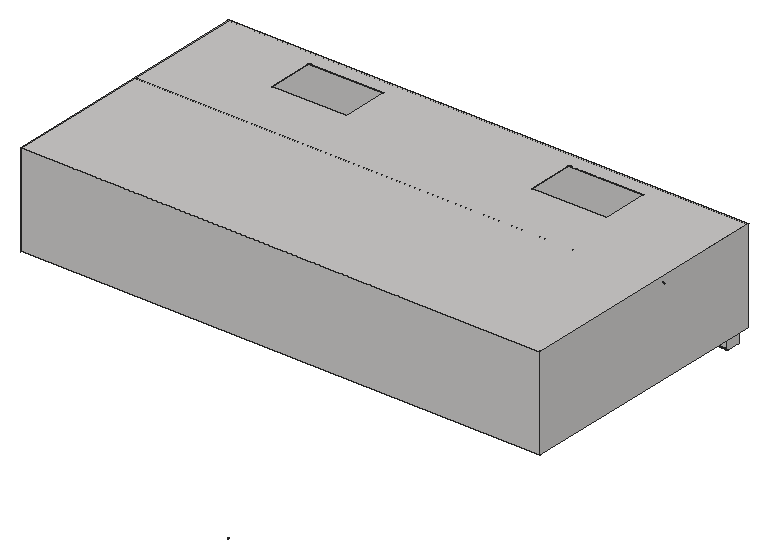
Revit family "QF_ELECTROLUXPROFESSIONAL_642011_EP1428T", category Specialty Equipment, Revit 2014
Reference planes
  plane 1: z = 0
  plane 2 "Center (Left/Right)": x = 150
  plane 3 "LEFT": x = -1250
  plane 4 "RIGHT": x = 1550
  plane 5 "BACK": y = 550
  plane 6 "TOP": z = 2500
  plane 7 "Base": z = 2000
  plane 8: z = 1926
  plane 9 "DrainY": y = 485
  plane 10: x = -1247
  plane 11: through (0, 414.509, 2000.8) normal (0, 0.7314, 0.682)
  plane 12: y = 470
  plane 13: y = 220
  plane 14 "DrainX": x = 1430
  plane 15: x = -350
  plane 16: x = 650
  plane 17: x = -750
  plane 18: x = 1050
  plane 19: x = 1547
  plane 20: x = 1340
  plane 21: x = 1520
  plane 22: x = -1210
  plane 23: x = -845
  plane 24: x = -450
  plane 25: x = 1510
  plane 26: x = 1145
  plane 27: x = 750
  plane 28: y = -150
  plane 29: y = -850
Forms (mm)
  Extrusion 1, solid, material "QF_Finishes_Stainless Steel"
    sketch origin (-1250, 0, 360) x (0, 1, 0) y (0, 0, 1)
      loop
        line (550, 1640) -> (550, 2140) -> (-850, 2140) -> (-850, 1640) -> (550, 1640)
    from 0 to 3
  Extrusion 2, solid, material "QF_Finishes_Stainless Steel"
    sketch origin (150, 0, 360) x (0, 1, 0) y (0, 0, 1)
      loop
        line (415.255, 1640) -> (550, 1640) -> (550, 2139.19) -> (549.2, 2139.19) -> (549.2, 1640.8) -> (415.876, 1640.8) -> (339.347, 1722.867) -> (349.609, 1732.436) -> (348.927, 1733.167) -> (337.934, 1722.917) -> (415.255, 1640)
      loop
        line (-82.203, 2139.19) -> (-82.203, 2118.6) -> (-31.047, 2118.6) -> (34.354, 2048.466) -> (46.028, 2059.352) -> (45.346, 2060.083) -> (34.403, 2049.879) -> (-30.612, 2119.6) -> (-81.203, 2119.6) -> (-81.203, 2139.19) -> (-82.203, 2139.19)
    from -1397 to 1397
  Extrusion 3, solid, material "QF_Finishes_Stainless Steel"
    sketch origin (1550, 0, 360) x (0, 1, 0) y (0, 0, 1)
      loop
        line (550, 1640) -> (550, 2140) -> (-850, 2140) -> (-850, 1640) -> (550, 1640)
    from 0 to -3
  Extrusion 4, solid, material "QF_Finishes_Stainless Steel"
    sketch origin (150, 0, 360) x (0, 1, 0) y (0, 0, 1)
      loop
        line (-850, 2140) -> (-850, 1640) -> (-849.2, 1640) -> (-849.2, 2139.19) -> (550, 2139.19) -> (550, 2140) -> (-850, 2140)
    from -1400 to 1400
  Extrusion 5, solid, material "QF_Finishes_Stainless Steel"
    sketch origin (150, 0, 360) x (0, 1, 0) y (0, 0, 1)
      loop
        line (534, 1640) -> (436, 1640) -> (436, 1627) -> (443.5, 1627) -> (443.5, 1576)
        arc (443.5, 1576) -> (446.429, 1568.929) -> (453.5, 1566) r 10
        line (453.5, 1566) -> (516.5, 1566)
        arc (516.5, 1566) -> (523.571, 1568.929) -> (526.5, 1576) r 10
        line (526.5, 1576) -> (526.5, 1627) -> (534, 1627) -> (534, 1640)
    from 1190 to 1370
  Extrusion 6, solid, material "QF_Finishes_Stainless Steel"
    sketch origin (0, 0, 2000) x (0, 1, 0) y (-1, 0, 0)
      loop
        circle (485, -1430) r 20
    from -76 to -74
  Extrusion 7, solid, material "QF_Finished_Chrome"
    sketch origin (150, 0, 360) x (0, 1, 0) y (0, 0, 1)
      loop
        line (337.934, 1722.917) -> (341.591, 1726.327) -> (38.011, 2051.876) -> (34.354, 2048.466) -> (337.934, 1722.917)
    from -995 to -1360
  Extrusion 8, solid, material "QF_Finished_Chrome"
    sketch origin (150, 0, 360) x (0, 1, 0) y (0, 0, 1)
      loop
        line (337.934, 1722.917) -> (341.591, 1726.327) -> (38.011, 2051.876) -> (34.354, 2048.466) -> (337.934, 1722.917)
    from 600 to -600
  Extrusion 9, solid, material "QF_Finishes_Stainless Steel"
    sketch origin (150, 0, 360) x (0, 1, 0) y (0, 0, 1)
      loop
        line (337.934, 1722.917) -> (341.591, 1726.327) -> (38.011, 2051.876) -> (34.354, 2048.466) -> (337.934, 1722.917)
    from 1397 to 1360
  Extrusion 10, solid, material "QF_Finishes_Stainless Steel"
    sketch origin (150, 0, 360) x (0, 1, 0) y (0, 0, 1)
      loop
        line (341.588, 1726.324) -> (38.009, 2051.874) -> (34.354, 2048.466) -> (337.934, 1722.917) -> (341.588, 1726.324)
    from -995 to -600
  Extrusion 11, solid, material "QF_Finished_Chrome"
    sketch origin (150, 0, 360) x (0, 1, 0) y (0, 0, 1)
      loop
        line (341.588, 1726.324) -> (38.009, 2051.874) -> (34.354, 2048.466) -> (337.934, 1722.917) -> (341.588, 1726.324)
    from 995 to 1360
  Extrusion 12, void
    sketch origin (0, 0, 2500) x (0, 1, 0) y (-1, 0, 0)
      loop
        line (470, 750) -> (220, 750) -> (220, 350) -> (470, 350) -> (470, 750)
    from 0 to -10
  Extrusion 13, void
    sketch origin (940, 0, 2500) x (0, 1, 0) y (-1, 0, 0)
      loop
        line (470, 290) -> (220, 290) -> (220, -110) -> (470, -110) -> (470, 290)
    from 0 to -10
  Extrusion 14, solid, material "QF_Finishes_Stainless Steel"
    sketch origin (0, 0, 0) x (1, 0, 0) y (0, 1, 0)
      loop
        line (-1250, 550) -> (-1250, 549) -> (-1249, 549) -> (-1249, 550) -> (-1250, 550)
    from 0 to 1
  Extrusion 15, solid, material "QF_Finishes_Stainless Steel"
    sketch origin (150, 0, 360) x (0, 1, 0) y (0, 0, 1)
      loop
        line (337.934, 1722.917) -> (341.591, 1726.327) -> (38.011, 2051.876) -> (34.354, 2048.466) -> (337.934, 1722.917)
    from -1360 to -1397
  Extrusion 16, solid, material "QF_Finishes_Stainless Steel"
    sketch origin (150, 0, 360) x (0, 1, 0) y (0, 0, -1)
      loop
        line (341.588, -1726.324) -> (337.934, -1722.917) -> (34.354, -2048.466) -> (38.009, -2051.874) -> (341.588, -1726.324)
    from -995 to -600
Cuts and joins
  Extrusion 12, Extrusion 13 cuts Extrusion 4
  joined: Extrusion 2, Extrusion 4
Lines and regions (mm)
  reference lines
    curve 1: line (150, 34.354, 2408.466) -> (150, 34.354, 2248.466)
  symbolic lines, style "SpecialityEquipment", detail levels coarse
    curve 2: line (1550, 550, 2500) -> (-1250, 550, 2500)
    curve 3: line (-1250, 550, 2500) -> (-1250, -850, 2500)
    curve 4: line (1550, -850, 2500) -> (1550, 550, 2500)
    curve 5: line (-1250, -850, 2500) -> (1550, -850, 2500)
    curve 6: line (-750, 220, 2500) -> (-350, 220, 2500)
    curve 7: line (-750, 470, 2500) -> (-750, 220, 2500)
    curve 8: line (-350, 470, 2500) -> (-750, 470, 2500)
    curve 9: line (-350, 220, 2500) -> (-350, 470, 2500)
    curve 10: line (650, 470, 2500) -> (650, 220, 2500)
    curve 11: line (650, 220, 2500) -> (1050, 220, 2500)
    curve 12: line (1050, 470, 2500) -> (650, 470, 2500)
    curve 13: line (1050, 220, 2500) -> (1050, 470, 2500)
    curve 14: line (-1250, 550, 0) -> (1550, -850, 0)
    curve 15: line (1550, 550, 0) -> (-1250, -850, 0)
Dimensions and locks
  plane 3 "LEFT" to plane 4 "RIGHT" = 2800 mm
  equal spacing: plane 3 "LEFT", plane 2 "Center (Left/Right)", plane 4 "RIGHT"
  plane 7 "Base" to plane 8 = 74 mm
  plane 5 "BACK" to plane 9 "DrainY" = 65 mm  (x2)
  plane 3 "LEFT" to plane 10 = 3 mm
  plane 5 "BACK" to plane 12 = 80 mm
  plane 12 to plane 13 = 250 mm  (x2)
  plane 14 "DrainX" to plane 4 "RIGHT" = 120 mm
  locked: plane 15 to plane 16 at 1000
  equal spacing: plane 15, plane 2 "Center (Left/Right)", plane 16
  plane 17 to plane 15 = 400 mm
  plane 16 to plane 18 = 400 mm
  plane 19 to plane 4 "RIGHT" = 3 mm
  locked: plane 20 to plane 14 "DrainX" at 90
  locked: plane 14 "DrainX" to plane 21 at 90
  plane 12 to plane 5 "BACK" = 80 mm
  locked: plane 3 "LEFT" to plane 22 at 40
  locked: plane 22 to plane 23 at 365
  locked: plane 23 to plane 24 at 395
  locked: plane 25 to plane 26 at 365
  locked: plane 26 to plane 27 at 395
  locked: plane 25 to plane 4 "RIGHT" at 40
  plane 24 to plane 27 = 1200 mm
  locked: plane 7 "Base" to level at 2000
  locked: plane 6 "TOP" to plane 7 "Base" at 500
  plane 5 "BACK" to plane 29 = 1400 mm  (x2)
  equal spacing: plane 5 "BACK", plane 28, plane 29
  aligned and locked: level to plane 1
  aligned and locked: Extrusion 2 to Extrusion 1
  aligned and locked: Extrusion 2 to Extrusion 3
  aligned and locked: plane 4 "RIGHT" to Extrusion 4
  aligned and locked: Extrusion 4 to plane 3 "LEFT"
  aligned and locked: plane 19 to Extrusion 9
  aligned and locked: plane 17 to Extrusion 12
  aligned and locked: Extrusion 12 to plane 15
  aligned and locked: Extrusion 12 to plane 13
  aligned and locked: Extrusion 12 to plane 12
  aligned and locked: Extrusion 13 to plane 18
  aligned and locked: plane 16 to Extrusion 13
  aligned and locked: Extrusion 2 to Extrusion 4
  aligned and locked: plane 21 to Extrusion 5
  aligned and locked: Extrusion 5 to plane 20
  aligned and locked: Extrusion 9 to plane 25
  aligned and locked: Extrusion 11 to plane 25
  aligned and locked: Extrusion 11 to plane 26
  aligned and locked: Extrusion 8 to plane 27
  aligned and locked: Extrusion 8 to plane 24
  aligned and locked: plane 24 to Extrusion 10
  aligned and locked: Extrusion 10 to plane 23
  aligned and locked: plane 23 to Extrusion 7
  aligned and locked: Extrusion 7 to plane 22
  aligned and locked: Extrusion 15 to plane 10
  aligned and locked: plane 22 to Extrusion 15
  aligned and locked: Extrusion 16 to plane 27
  aligned and locked: Extrusion 16 to plane 26
  aligned and locked: Extrusion 3 to plane 19
Automatic sketch dimensions
  curve 5 to plane 3 "LEFT" = 0 mm
  curve 9 to plane 13 = 0 mm
  curve 10 to plane 13 = 0 mm
  plane 12 to curve 8 = 0 mm
  plane 12 to curve 12 = 0 mm
  curve 3 to plane 5 "BACK" = 0 mm
  curve 5 to plane 4 "RIGHT" = 0 mm
  curve 11 to plane 18 = 0 mm
  curve 10 to plane 16 = 0 mm
  curve 6 to plane 15 = 0 mm
  curve 6 to plane 17 = 0 mm
  Extrusion 1 sketch curve to plane 7 "Base" = 0 mm
  Extrusion 1 sketch curve to plane 5 "BACK" = 0 mm
  Extrusion 1 sketch curve to plane 6 "TOP" = 0 mm
  Extrusion 2 sketch curve to plane 11 = 0 mm  (x3)
  Extrusion 2 sketch curve to plane 7 "Base" = 0 mm
  plane 11 to Extrusion 2 sketch curve = 0 mm
  Extrusion 2 sketch curve to plane 5 "BACK" = 0 mm
  Extrusion 2 sketch curve to Extrusion 2 sketch curve = 65.646 mm
  Extrusion 2 sketch curve to Extrusion 2 sketch curve = 0.682 mm  (x2)
  Extrusion 2 sketch curve to Extrusion 2 sketch curve = 10.261 mm
  plane 7 "Base" to Extrusion 2 sketch curve = 82.917 mm
  Extrusion 2 sketch curve to Extrusion 2 sketch curve = 10.942 mm
  Extrusion 2 sketch curve to Extrusion 2 sketch curve = 0.049 mm
  Extrusion 2 sketch curve to plane 6 "TOP" = 20.4 mm
  Extrusion 2 sketch curve to plane 6 "TOP" = 21.4 mm
  Extrusion 2 sketch curve to plane 6 "TOP" = 0.81 mm  (x2)
  Extrusion 2 sketch curve to Extrusion 2 sketch curve = 50.156 mm
  Extrusion 2 sketch curve to Extrusion 2 sketch curve = 1 mm
  plane 7 "Base" to Extrusion 2 sketch curve = 0.8 mm
  Extrusion 2 sketch curve to plane 5 "BACK" = 0.8 mm
  Extrusion 3 sketch curve to plane 7 "Base" = 0 mm
  Extrusion 3 sketch curve to plane 5 "BACK" = 0 mm
  Extrusion 3 sketch curve to plane 6 "TOP" = 0 mm
  Extrusion 4 sketch curve to plane 5 "BACK" = 0 mm
  Extrusion 4 sketch curve to plane 6 "TOP" = 0 mm
  Extrusion 4 sketch curve to plane 6 "TOP" = 0.81 mm
  curve 1 to plane 11 = 0 mm
  Extrusion 5 sketch curve to plane 7 "Base" = 0 mm
  Extrusion 5 sketch curve to plane 8 = 0 mm
  Extrusion 5 sketch curve to plane 7 "Base" = 13 mm  (x2)
  plane 12 to Extrusion 5 sketch curve = 34 mm
  Extrusion 5 sketch curve to Extrusion 5 sketch curve = 7.5 mm  (x2)
  Extrusion 5 sketch curve to Extrusion 5 sketch curve = 10 mm
  plane 9 "DrainY" to Extrusion 5 sketch curve = 31.5 mm
  Extrusion 5 sketch curve to plane 5 "BACK" = 23.5 mm
  Extrusion 6 sketch curve to plane 9 "DrainY" = 0 mm
  Extrusion 6 sketch curve to plane 14 "DrainX" = 0 mm
  Extrusion 7 sketch curve to plane 11 = 0 mm  (x2)
  Extrusion 7 sketch curve to Extrusion 7 sketch curve = 3.657 mm
  plane 7 "Base" to Extrusion 7 sketch curve = 82.917 mm
  Extrusion 8 sketch curve to plane 11 = 0 mm  (x2)
  Extrusion 8 sketch curve to Extrusion 8 sketch curve = 3.657 mm
  plane 7 "Base" to Extrusion 8 sketch curve = 82.917 mm
  Extrusion 9 sketch curve to plane 11 = 0 mm  (x2)
  Extrusion 9 sketch curve to Extrusion 9 sketch curve = 3.657 mm
  plane 7 "Base" to Extrusion 9 sketch curve = 82.917 mm
  Extrusion 10 sketch curve to plane 11 = 0 mm  (x2)
  Extrusion 10 sketch curve to Extrusion 10 sketch curve = 3.655 mm
  plane 7 "Base" to Extrusion 10 sketch curve = 82.917 mm
  Extrusion 11 sketch curve to plane 11 = 0 mm  (x2)
  Extrusion 11 sketch curve to Extrusion 11 sketch curve = 3.655 mm
  plane 7 "Base" to Extrusion 11 sketch curve = 82.917 mm
  Extrusion 12 sketch curve to plane 13 = 0 mm
  plane 12 to Extrusion 12 sketch curve = 0 mm
  Extrusion 12 sketch curve to plane 15 = 0 mm
  Extrusion 12 sketch curve to plane 17 = 0 mm
  Extrusion 13 sketch curve to plane 13 = 0 mm
  plane 12 to Extrusion 13 sketch curve = 0 mm
  Extrusion 13 sketch curve to plane 18 = 0 mm
  Extrusion 13 sketch curve to plane 16 = 0 mm
  Extrusion 14 sketch curve to plane 3 "LEFT" = 0 mm
  Extrusion 14 sketch curve to plane 5 "BACK" = 0 mm
  plane 3 "LEFT" to Extrusion 14 sketch curve = 1 mm
  Extrusion 14 sketch curve to plane 5 "BACK" = 1 mm
  Extrusion 15 sketch curve to plane 11 = 0 mm  (x2)
  Extrusion 15 sketch curve to Extrusion 15 sketch curve = 3.657 mm
  plane 7 "Base" to Extrusion 15 sketch curve = 82.917 mm
  Extrusion 16 sketch curve to plane 11 = 0 mm  (x2)
  Extrusion 16 sketch curve to Extrusion 16 sketch curve = 3.655 mm
  plane 7 "Base" to Extrusion 16 sketch curve = 82.917 mm
  Extrusion 4 sketch curve to Extrusion 4 sketch curve = 499.19 mm
  curve 1 to curve 1 = 160 mm
  Extrusion 4 sketch curve to Extrusion 4 sketch curve = 0.8 mm
  curve 5 to plane 13 = 1070 mm
  Extrusion 1 sketch curve to plane 13 = 1070 mm
  Extrusion 2 sketch curve to plane 6 "TOP" = 91.534 mm
  Extrusion 3 sketch curve to plane 13 = 1070 mm
  Extrusion 4 sketch curve to plane 13 = 1069.2 mm
  curve 1 to plane 13 = 185.646 mm
  Extrusion 7 sketch curve to plane 6 "TOP" = 88.124 mm
  Extrusion 8 sketch curve to plane 6 "TOP" = 88.124 mm
  Extrusion 9 sketch curve to plane 6 "TOP" = 88.124 mm
  Extrusion 10 sketch curve to plane 6 "TOP" = 88.126 mm
  Extrusion 11 sketch curve to plane 6 "TOP" = 88.126 mm
  Extrusion 15 sketch curve to plane 6 "TOP" = 88.124 mm
  Extrusion 16 sketch curve to plane 6 "TOP" = 88.126 mm
  curve 15 to plane 3 "LEFT" = 0 mm
  curve 14 to plane 3 "LEFT" = 0 mm
  curve 15 to plane 4 "RIGHT" = 0 mm
  curve 14 to plane 4 "RIGHT" = 0 mm
  plane 29 to curve 14 = 0 mm
  plane 29 to curve 15 = 0 mm
  curve 15 to plane 5 "BACK" = 0 mm
  curve 14 to plane 5 "BACK" = 0 mm
  radius of Extrusion 6 sketch curve = 20 mm
Connectors
  piping at (1430, 485, 1924), diameter 20
    settings: on Extrusion 6, index 1, connector inside diameter 609.6 mm, connector length 0 mm, flow factor 0, pipe flow 0.0 L/s, pressure drop 0.0 Pa, fitting loss kfactor 0, connector angle 0.00°, fixture units 0, engagement length 0 mm, angle of deflection 0.00°, flow configuration 1, flow direction 2, fitting loss method 0, system type 16, joint type 0, gender type 0, connector reference index -1, connector utility 0, adjustable connector no, is connector primary yes, connector description "Drain"
  hvac at (-550, 345, 2500)
    settings: on Extrusion 12, index 2, duct flow 0.0 L/s, flow factor 0, pres drop 0.0 Pa, loss coef 0, conn angle 0.00°, conn width 250 mm, conn height 400 mm, conn diameter 609.6 mm, duct sys type 3, conn prof type 1, flow config 1, flow direction 0, loss method 0, conn ref index -1, conn util no, is conn primary yes, conn desc "EXHAUST OUTLET"
  hvac at (850, 345, 2500)
    settings: on Extrusion 13, index 3, duct flow 0.0 L/s, flow factor 0, pres drop 0.0 Pa, loss coef 0, conn angle 0.00°, conn width 250 mm, conn height 400 mm, conn diameter 609.6 mm, duct sys type 3, conn prof type 1, flow config 1, flow direction 0, loss method 0, conn ref index -1, conn util no, is conn primary no, conn desc "EXHAUST OUTLET"
